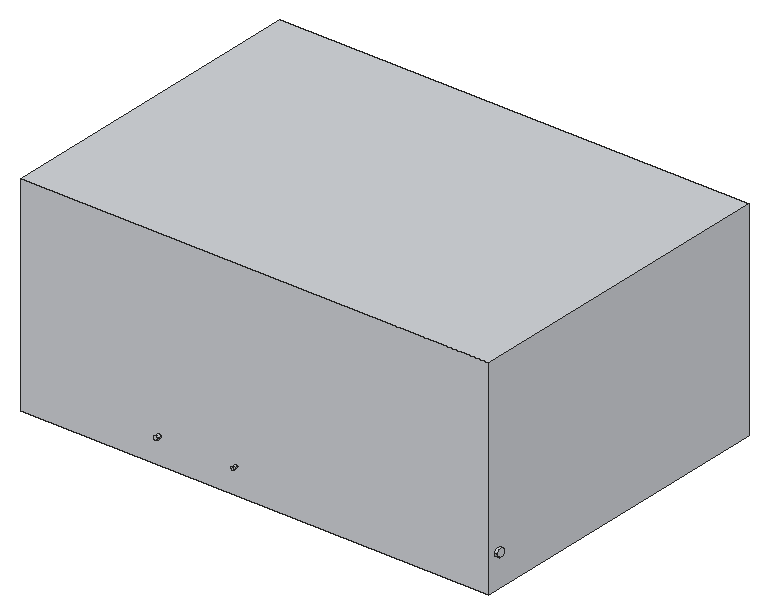
Revit family "M_Unidades AC da cobertura - A gás - 11-80 kW", category Equipamento mecânico, Revit 2019
Family settings
  Cota do conector redondo = Usar raio
  Tipo de parte = Normal
  Número OmniClass = 23.75.10.24.21.27.14
  Título OmniClass = Packaged Rooftop Air Conditioning Units
  ID de item do Seek = Rooftop AC Unit - Gas Fired - 11-80 kW-0000-CAN-ENU
  Com base no plano de trabalho = Não
  Sempre na vertical = Sim
  Corte com vazios quando carregada = Não
  Compartilhado = Não
  Ponto de cálculo do ambiente = Não
Parameters (values of type "88 kW")
  Voltagem = 460 V
  Visi3-10 = no
  Visi12.5-25 = yes
  Largura da unidade = 2140 mm
  Comprimento da unidade = 3091 mm
  Altura da unidade = 1372 mm
  Largura do ar de fornecimento = 672 mm
  Altura do ar de fornecimento = 1745 mm
  Fluxo do ar de fornecimento [instance] = 5191.0 L/s
  Largura do ar de retorno = 506 mm
  Altura do ar de retorno = 1938 mm
  Fluxo do ar de retorno [instance] = 5191.0 L/s
  Raio 4 = 0.2 * Raio do ventilador  # 85.6 mm
  Raio 3 = 0.4 * Raio do ventilador  # 171.2 mm
  Raio 2 = 0.6 * Raio do ventilador  # 256.8 mm
  Raio 1 = 0.8 * Raio do ventilador  # 342.4 mm
  Número de pólos = 3
  Material = none
  Classificação de carga = Refrigeração
  Saída do aquecimento [instance] = 94955 W
  Entrada do aquecimento [instance] = 117228 W
  Pressão em linha do fornecimento de gás = "623 / 3486 Pa"
  Raio do gás = 10 mm
  Fluxo de gás [instance] = 0.0 L/s
  Diâmetro do gás = Raio do gás * 2  # 20 mm
  Raio do ventilador = 0.2 * Largura da unidade  # 428 mm
  Raio da drenagem = 12.5 mm
  Diâmetro da drenagem = Raio da drenagem * 2  # 25 mm
  Distância 2 = Raio do ventilador + 127 mm  # 555 mm
  Distância 1 = 730 mm
  Capacidade de refrigeração [instance] = 84991 W
  C5 Deslocamento 2 = 227 mm
  C5 Deslocamento 1 = 68 mm
  C4 Deslocamento 1 = 914 mm
  C3 Deslocamento 2 = 173 mm
  C3 Deslocamento 1 = 1422 mm
  C2 Deslocamento 2 = 108 mm
  C2 Deslocamento 1 = 108 mm
  Carga aparente = 14354 VA
  Queda de pressão do ar [instance] = 343.0 Pa
Types (13, lengths in mm): name | Visi3-10 | Visi12.5-25 | Largura da unidade | Comprimento da unidade | Altura da unidade | Largura do ar de fornecimento | Altura do ar de fornecimento | Fluxo do ar de fornecimento | Largura do ar de retorno | Altura do ar de retorno | Fluxo do ar de retorno | Raio 4 | Raio 3 | Raio 2 | Raio 1 | Saída do aquecimento | Entrada do aquecimento | Pressão em linha do fornecimento de gás | Raio do gás | Diâmetro do gás | Raio do ventilador | Raio da drenagem | Diâmetro da drenagem | Distância 2 | Distância 1 | Capacidade de refrigeração | C5 Deslocamento 2 | C5 Deslocamento 1 | C4 Deslocamento 1 | C3 Deslocamento 2 | C3 Deslocamento 1 | C2 Deslocamento 2 | C2 Deslocamento 1 | Carga aparente | Queda de pressão do ar
  (no name) | no | yes | 2140 | 3091 | 1372 | 672 | 1745 | 5191.0 L/s | 506 | 1938 | 5191.0 L/s | 85.6 | 171.2 | 256.8 | 342.4 | 94955 W | 117228 W | "623 / 3486 Pa" | 10 | 20 | 428 | 12.5 | 25 | 555 | 730 | 84991 W | 227 | 68 | 914 | 173 | 1422 | 108 | 108 | 14354 VA | 343.0 Pa
  11 kW | yes | no | 1125 | 1775 | 920 | 390 | 400 | 680.0 L/s | 350 | 600 | 680.0 L/s | 45 | 90 | 135 | 180 | 28135 W | 35169 W | "1120 / 2165 Pa" | 7.5 | 15 | 225 | 10 | 20 | 352 | 235 | 10961 W | 143 | 33 | 599 | 108 | 1073 | 102 | 92 | 2707 VA | 85.0 Pa
  14 kW | yes | no | 1125 | 1775 | 921 | 394 | 406 | 906.0 L/s | 356 | 610 | 906.0 L/s | 45 | 90 | 135 | 180 | 28134.8 W | 35168.5 W | "1120 / 2165 Pa" | 7.5 | 15 | 225 | 10 | 20 | 352 | 235 | 14419 W | 143 | 33 | 599 | 108 | 1073 | 102 | 92 | 3601.73 VA | 149.0 Pa
  18 kW | yes | no | 1125 | 1775 | 921 | 394 | 406 | 1133.0 L/s | 356 | 610 | 1133.0 L/s | 45 | 90 | 135 | 180 | 30479.4 W | 38099.2 W | "1120 / 2165 Pa" | 7.5 | 15 | 225 | 10 | 20 | 352 | 235 | 18493 W | 143 | 33 | 599 | 108 | 1073 | 102 | 92 | 4720.28 VA | 212.0 Pa
  21 kW | yes | no | 1355 | 2251 | 1038 | 445 | 838 | 1359.0 L/s | 445 | 816 | 1359.0 L/s | 54.2 | 108.4 | 162.6 | 216.8 | 35608.1 W | 43960.7 W | "1120 / 2165 Pa" | 10 | 20 | 271 | 10 | 20 | 398 | 251 | 21101 W | 143 | 35 | 702 | 108 | 1216 | 102 | 92 | 6390.65 VA | 145.0 Pa
  26 kW | yes | no | 1350 | 2251 | 1038 | 445 | 838 | 1699.0 L/s | 445 | 816 | 1699.0 L/s | 54 | 108 | 162 | 216 | 47477.5 W | 58614.2 W | "1120 / 2165 Pa" | 10 | 20 | 270 | 10 | 20 | 397 | 251 | 27842 W | 143 | 35 | 702 | 108 | 1216 | 102 | 92 | 8254.9 VA | 183.0 Pa
  30 kW | yes | no | 1355 | 2251 | 1191 | 445 | 838 | 1926.0 L/s | 445 | 816 | 1926.0 L/s | 54.2 | 108.4 | 162.6 | 216.8 | 47477.5 W | 58614.2 W | "1120 / 2165 Pa" | 10 | 20 | 271 | 10 | 20 | 398 | 251 | 30772 W | 143 | 35 | 702 | 108 | 1216 | 102 | 92 | 6502.5 VA | 234.0 Pa
  35 kW | yes | no | 1355 | 2251 | 1191 | 445 | 825 | 2265.0 L/s | 445 | 816 | 2265.0 L/s | 54.2 | 108.4 | 162.6 | 216.8 | 59347 W | 73268 W | "1120 / 2165 Pa" | 10 | 20 | 271 | 10 | 20 | 398 | 251 | 34582 W | 143 | 35 | 702 | 108 | 1216 | 102 | 92 | 7248 VA | 294.0 Pa
  44 kW | no | yes | 1800 | 2710 | 1273 | 672 | 1389 | 2832.0 L/s | 475 | 1586 | 2832.0 L/s | 72 | 144 | 216 | 288 | 59493 W | 73268 W | "623 / 3486 Pa" | 10 | 20 | 360 | 12.5 | 25 | 487 | 572 | 43961 W | 213 | 68 | 727 | 168 | 1229 | 108 | 108 | 7643 VA | 192.0 Pa
  53 kW | no | yes | 1800 | 2710 | 1273 | 672 | 1389 | 3398.0 L/s | 475 | 1586 | 3398.0 L/s | 72 | 144 | 216 | 288 | 59493 W | 73268 W | "623 / 3486 Pa" | 10 | 20 | 360 | 12.5 | 25 | 487 | 572 | 53339 W | 213 | 68 | 727 | 168 | 1229 | 108 | 108 | 10104 VA | 169.0 Pa
  62 kW | no | yes | 1800 | 2710 | 1273 | 672 | 1389 | 3964.0 L/s | 475 | 1586 | 3964.0 L/s | 72 | 144 | 216 | 288 | 83232 W | 102575 W | "623 / 3486 Pa" | 10 | 20 | 360 | 12.5 | 25 | 487 | 572 | 61545 W | 213 | 68 | 727 | 168 | 1229 | 108 | 108 | 11969 VA | 209.0 Pa
  70 kW | no | yes | 2140 | 3091 | 1372 | 672 | 1745 | 4531.0 L/s | 506 | 1938 | 4531.0 L/s | 85.6 | 171.2 | 256.8 | 342.4 | 94955 W | 117228 W | "623 / 3486 Pa" | 10 | 20 | 428 | 12.5 | 25 | 555 | 730 | 70923 W | 227 | 68 | 914 | 173 | 1422 | 108 | 108 | 11968 VA | 261.0 Pa
  88 kW | no | yes | 2140 | 3091 | 1372 | 672 | 1745 | 5191.0 L/s | 506 | 1938 | 5191.0 L/s | 85.6 | 171.2 | 256.8 | 342.4 | 94955 W | 117228 W | "623 / 3486 Pa" | 10 | 20 | 428 | 12.5 | 25 | 555 | 730 | 84991 W | 227 | 68 | 914 | 173 | 1422 | 108 | 108 | 14354 VA | 343.0 Pa
Reference planes
  plane 1 "Centro (Frente/Trás)": y = 0
  plane 2: z = 0
  plane 3 "Centro (Esquerda/Direita)": x = 0
  plane 4: x = -3091
  plane 5 "Altura da unidade": z = 1372
  plane 6: y = 2140
  plane 7: z = 173
  plane 8: x = -1669
  plane 9: y = 2032
  plane 10: x = -2983
  plane 11: x = -2477
  plane 12: y = 94
  plane 13: x = -1747
  plane 14: x = -1075
  plane 15: y = 287
  plane 16: z = 227
  plane 17: y = 68
  plane 18: y = 1605
  plane 19: x = -555
  plane 20: x = -2177
  plane 21: y = 535
  plane 22: y = 1070
Forms (mm)
  Extrusion 1, solid, material <- "Material"
    sketch origin (0, 0, 0) x (1, 0, 0) y (0, 1, 0)
      loop
        line (-3091, 2140) -> (-3091, 0) -> (0, 0) -> (0, 2140) -> (-3091, 2140)
    from 0 to 1372
  Extrusion 2, solid, material <- "Material"
    sketch origin (0, 0, 0) x (1, 0, 0) y (0, 0, 1)
      loop
        circle (-1669, 173) r 10
    from 0 to 25.572
  Extrusion 3, void
    sketch origin (0, 0, 0) x (1, 0, 0) y (0, 1, 0)
      loop
        line (-2983, 2032) -> (-2983, 94) -> (-2477, 94) -> (-2477, 2032) -> (-2983, 2032)
      loop
        line (-1747, 2032) -> (-1747, 287) -> (-1075, 287) -> (-1075, 2032) -> (-1747, 2032)
    from 0 to 107.95
  Extrusion 4, solid, material <- "Material"
    sketch origin (0, 0, 0) x (0, 1, 0) y (0, 0, 1)
      loop
        circle (68, 227) r 25.4
    from 0 to 25.4
  Extrusion 5, solid, material <- "Material"
    sketch origin (0, 0, 0) x (1, 0, 0) y (0, 0, 1)
      loop
        circle (-2177, 173) r 12.5
    from 0 to 25.572
Cuts and joins
  Extrusion 3 cuts Extrusion 1
  joined: Extrusion 1, Extrusion 2, Extrusion 4, Extrusion 5
Lines and regions (mm)
  model lines, visible <- "Visi12.5-25"
    curve 1: circle (-555, 1605, 1372) r 428 normal (0, 0, 1)
    curve 2: circle (-555, 1605, 1372) r 342.4 normal (0, 0, 1)
    curve 3: circle (-555, 1605, 1372) r 256.8 normal (0, 0, 1)
    curve 4: circle (-555, 1605, 1372) r 171.2 normal (0, 0, 1)
    curve 5: circle (-555, 1605, 1372) r 85.6 normal (0, 0, 1)
    curve 6: circle (-555, 535, 1372) r 428 normal (0, 0, 1)
    curve 7: circle (-555, 535, 1372) r 342.4 normal (0, 0, 1)
    curve 8: circle (-555, 535, 1372) r 256.8 normal (0, 0, 1)
    curve 9: circle (-555, 535, 1372) r 171.2 normal (0, 0, 1)
    curve 10: circle (-555, 535, 1372) r 85.6 normal (0, 0, 1)
  model lines, visible <- "Visi3-10"
    curve 11: circle (-555, 1070, 1372) r 428 normal (0, 0, 1)
    curve 12: circle (-555, 1070, 1372) r 342.4 normal (0, 0, 1)
    curve 13: circle (-555, 1070, 1372) r 256.8 normal (0, 0, 1)
    curve 14: circle (-555, 1070, 1372) r 171.2 normal (0, 0, 1)
    curve 15: circle (-555, 1070, 1372) r 85.6 normal (0, 0, 1)
Dimensions and locks
  "Altura da unidade": plane 5 "Altura da unidade" to plane 2
  "Comprimento da unidade": plane 4 to plane 3 "Centro (Esquerda/Direita)"
  "Largura da unidade": plane 6 to plane 1 "Centro (Frente/Trás)"
  "C3 Deslocamento 2": plane 7 to plane 2
  "C3 Deslocamento 1": plane 8 to plane 4
  locked: Extrusion 2 to plane 1 "Centro (Frente/Trás)" at 25.572
  "C2 Deslocamento 2": plane 6 to plane 9
  "C2 Deslocamento 1": plane 4 to plane 10
  "Altura do ar de retorno": plane 9 to plane 12
  "Largura do ar de retorno": plane 10 to plane 11
  "Distância 1": plane 11 to plane 13
  "Largura do ar de fornecimento": plane 13 to plane 14
  "Altura do ar de fornecimento": plane 9 to plane 15
  "C5 Deslocamento 2": plane 16 to plane 2
  "C5 Deslocamento 1": plane 17 to plane 1 "Centro (Frente/Trás)"
  locked: Extrusion 4 to plane 3 "Centro (Esquerda/Direita)" at 25.4
  "Distância 2": plane 19 to plane 3 "Centro (Esquerda/Direita)"
  "C4 Deslocamento 1": plane 20 to plane 4
  locked: Extrusion 5 to plane 1 "Centro (Frente/Trás)" at 25.572
  locked: cut or joined group of Extrusion 1, Extrusion 2, Extrusion 3, Extrusion 4, Extrusion 5 to plane 2 at 107.95
  equal spacing: plane 6, plane 22, plane 1 "Centro (Frente/Trás)"
  equal spacing: plane 6, plane 18, plane 22
  equal spacing: plane 1 "Centro (Frente/Trás)", plane 21, plane 22
  "Raio do gás": radius of Extrusion 2 sketch curve
  radius of Extrusion 4 sketch curve = 25.4 mm
  "Raio do ventilador": radius of curve 1
  "Raio 1": radius of curve 2
  "Raio 2": radius of curve 3
  "Raio 3": radius of curve 4
  "Raio 4": radius of curve 5
  "Raio da drenagem": radius of Extrusion 5 sketch curve
  "Raio do ventilador": radius of curve 6
  "Raio 1": radius of curve 7
  "Raio 2": radius of curve 8
  "Raio 3": radius of curve 9
  "Raio 4": radius of curve 10
  "Raio 4": radius of curve 15
  "Raio 3": radius of curve 14
  "Raio 2": radius of curve 13
  "Raio 1": radius of curve 12
  "Raio do ventilador": radius of curve 11
  aligned and locked: plane 4 to Extrusion 1 sketch curve
  aligned and locked: Extrusion 1 sketch curve to plane 6
  aligned and locked: plane 1 "Centro (Frente/Trás)" to Extrusion 1 sketch curve
  aligned and locked: Extrusion 1 sketch curve to plane 3 "Centro (Esquerda/Direita)"
  aligned and locked: plane 5 "Altura da unidade" to Extrusion 1
  aligned and locked: Extrusion 1 to plane 2
  aligned and locked: plane 8 to Extrusion 2 sketch curve
  aligned and locked: plane 7 to Extrusion 2 sketch curve
  aligned and locked: plane 1 "Centro (Frente/Trás)" to Extrusion 2
  aligned and locked: plane 10 to Extrusion 3 sketch curve
  aligned and locked: Extrusion 3 sketch curve to plane 9  (x2)
  aligned and locked: plane 12 to Extrusion 3 sketch curve
  aligned and locked: Extrusion 3 sketch curve to plane 11
  aligned and locked: plane 13 to Extrusion 3 sketch curve
  aligned and locked: plane 15 to Extrusion 3 sketch curve
  aligned and locked: Extrusion 3 sketch curve to plane 14
  aligned and locked: cut or joined group of Extrusion 1, Extrusion 2, Extrusion 3, Extrusion 4, Extrusion 5 to plane 2
  aligned and locked: plane 17 to Extrusion 4 sketch curve
  aligned and locked: plane 16 to Extrusion 4 sketch curve
  aligned and locked: Extrusion 4 to plane 3 "Centro (Esquerda/Direita)"
  aligned and locked: plane 19 to curve 1
  aligned and locked: plane 18 to curve 1
  aligned and locked: plane 19 to curve 2
  aligned and locked: plane 18 to curve 2
  aligned and locked: plane 19 to curve 3
  aligned and locked: plane 18 to curve 3
  aligned and locked: plane 19 to curve 4
  aligned and locked: plane 18 to curve 4
  aligned and locked: plane 19 to curve 5
  aligned and locked: plane 18 to curve 5
  aligned and locked: plane 20 to Extrusion 5 sketch curve
  aligned and locked: plane 7 to Extrusion 5 sketch curve
  aligned and locked: plane 19 to curve 10
  aligned and locked: plane 21 to curve 10
  aligned and locked: plane 19 to curve 9
  aligned and locked: plane 21 to curve 9
  aligned and locked: plane 19 to curve 8
  aligned and locked: plane 21 to curve 8
  aligned and locked: plane 19 to curve 7
  aligned and locked: plane 21 to curve 7
  aligned and locked: plane 19 to curve 6
  aligned and locked: plane 21 to curve 6
  aligned and locked: plane 19 to curve 15
  aligned and locked: plane 22 to curve 15
  aligned and locked: plane 19 to curve 14
  aligned and locked: plane 22 to curve 14
  aligned and locked: plane 19 to curve 13
  aligned and locked: plane 22 to curve 13
  aligned and locked: plane 19 to curve 12
  aligned and locked: plane 22 to curve 12
  aligned and locked: plane 19 to curve 11
  aligned and locked: plane 22 to curve 11
Connectors
  hvac at (-1411, 1159.5, 107.95), driven by "Fluxo do ar de fornecimento", driven by "Altura do ar de fornecimento", driven by "Largura do ar de fornecimento"
    settings: on cut or joined group of Extrusion 1, Extrusion 2, Extrusion 3, Extrusion 4, Extrusion 5, index 1, duct flow 5191.0 L/s, flow factor 0, pres drop 0.0 Pa, loss coef 0, conn angle 0.00°, conn width 672 mm, conn height 1745 mm, conn diameter 609.6 mm, duct sys type 1, conn prof type 1, flow config 0, flow direction 2, loss method 0, conn ref index 2, conn util no, is conn primary yes, conn desc ""
  hvac at (-2730, 1063, 107.95), driven by "Altura do ar de retorno", driven by "Largura do ar de retorno", driven by "Fluxo do ar de retorno", driven by "Queda de pressão do ar"
    settings: on cut or joined group of Extrusion 1, Extrusion 2, Extrusion 3, Extrusion 4, Extrusion 5, index 2, duct flow 5191.0 L/s, flow factor 0, pres drop 343.0 Pa, loss coef 0, conn angle 0.00°, conn width 506 mm, conn height 1938 mm, conn diameter 609.6 mm, duct sys type 2, conn prof type 1, flow config 0, flow direction 1, loss method 4, conn ref index 1, conn util no, is conn primary no, conn desc ""
  piping at (-1669, -25.572, 173), diameter 20, driven by "Raio do gás", driven by "Fluxo de gás"
    settings: on cut or joined group of Extrusion 1, Extrusion 2, Extrusion 3, Extrusion 4, Extrusion 5, index 3, connector inside diameter 20 mm, connector length 0 mm, flow factor 0, pipe flow 0.0 L/s, pressure drop 0.0 Pa, fitting loss kfactor 0, connector angle 0.00°, fixture units 0, engagement length 0 mm, angle of deflection 0.00°, flow configuration 1, flow direction 1, fitting loss method 0, system type 22, joint type 0, gender type 0, connector reference index -1, connector utility 0, adjustable connector yes, is connector primary yes, connector description "Entrada de gás"
  piping at (-2177, -25.572, 173), diameter 25, driven by "Raio da drenagem"
    settings: on Extrusion 5, index 4, connector inside diameter 25 mm, connector length 0 mm, flow factor 0, pipe flow 0.0 L/s, pressure drop 0.0 Pa, fitting loss kfactor 0, connector angle 0.00°, fixture units 0, engagement length 0 mm, angle of deflection 0.00°, flow configuration 1, flow direction 2, fitting loss method 0, system type 16, joint type 0, gender type 0, connector reference index -1, connector utility 0, adjustable connector yes, is connector primary no, connector description "Saída da drenagem"
  electrical at (25.4, 68, 227), driven by "Carga aparente", driven by "Voltagem", driven by "Número de pólos", driven by "Classificação de carga"
    settings: on cut or joined group of Extrusion 1, Extrusion 2, Extrusion 3, Extrusion 4, Extrusion 5, index 5, voltage 460 V, apparent load 14354 VA, apparent load phase1 0 VA, apparent load phase2 0 VA, apparent load phase3 0 VA, power factor 0.8, load classification "Refrigeração", number of poles 3, system type 30, power factor state 1, is connector primary yes, connector utility no, sub classification motor no, connector description ""
